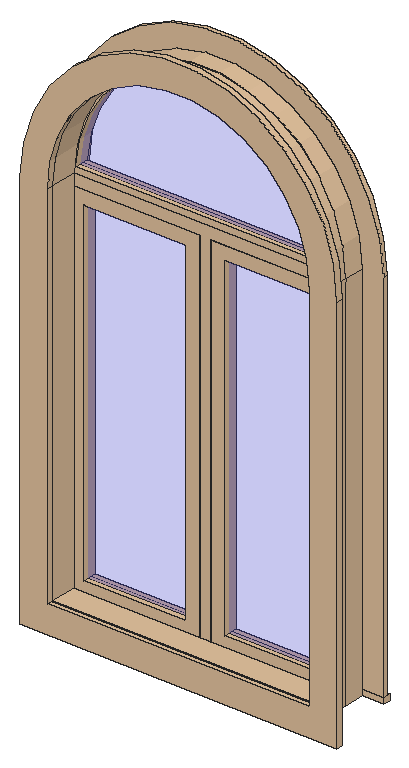
Revit family
Parameters (values of type "36" x 48"")
  Assembly Code = "B2020100"
  Glass Pane Material = Glass
  Height = 4' - 0"
  Sash Material = Sash
  Default Sill Height = 3' - 0"
  Trim Exterior Material = Trim
  Trim Interior Material = Trim
  Trim Projection - Ext. = 0' - 0 1/2"
  Trim Projection - Int. = 0' - 0 3/4"
  Trim Width - Exterior = 0' - 3 1/2"
  Trim Width - Interior = 0' - 3 1/2"
  Wall Closure = (empty or 0)
  Width = 3' - 0"
  Window Inset = 0' - 0 3/4"
Types (5): name | Height | Default Sill Height | Width
  (no name) | 4' - 0" | 3' - 0" | 3' - 0"
  36" x 72" | 6' - 0" | 1' - 0" | 3' - 0"
  36" x 48" | 4' - 0" | 3' - 0" | 3' - 0"
  48" x 48" | 4' - 0" | 3' - 0" | 4' - 0"
  48" x 72" | 6' - 0" | 1' - 0" | 4' - 0"
Reference planes (in)
  plane 1: y = 0
  plane 2 "Center": x = 0.31505
  plane 3 "Left": x = 18.31505
  plane 4 "Right": x = -17.68495
  plane 5 "Sill": z = 36
  plane 6: z = 84
  plane 7: z = 84.75
  plane 8: z = 84.75
  plane 9: z = 84.75
  plane 10: z = 84.75
  plane 11: z = 84.75
  plane 12: z = 84.75
  plane 13: z = 84.75
  plane 14 "Radius": z = 60
  plane 15: x = -16.93495
  plane 16: x = -16.43495
  plane 17: x = -20.43495
  plane 18: x = -19.93495
  plane 19: x = 17.06505
  plane 20: x = 17.56505
  plane 21: x = 20.56505
  plane 22: x = 21.06505
  plane 23: z = 33.75
  plane 24: z = 37.25
  plane 25 "Closure": y = 1.125
Forms (in)
  Extrusion 1, solid, material "Sash" <- "Sash Material"
    sketch origin (0.31505, -0.75, 0) x (-1, 0, 0) y (0, 0, 1)
      loop
        line (-18, 84.75) -> (-18, 36) -> (18, 36) -> (18, 84.75)
        arc (18, 84.75) -> (0, 102.75) -> (-18, 84.75) r 18
      loop
        line (-16.75, 84.75) -> (-16.75, 37.25) -> (16.75, 37.25) -> (16.75, 84.75)
        arc (16.75, 84.75) -> (0, 101.5) -> (-16.75, 84.75) r 16.75
    from 1.25 to -2.25
  Extrusion 2, solid, material "Sash" <- "Sash Material"
    sketch origin (0.31505, -0.75, 0) x (-1, 0, 0) y (0, 0, 1)
      loop
        line (0.75, 83.25) -> (0.75, 36.75) -> (17.25, 36.75) -> (17.25, 83.25) -> (0.75, 83.25)
      loop
        line (2.5, 81.5) -> (2.5, 38.5) -> (15.5, 38.5) -> (15.5, 81.5) -> (2.5, 81.5)
    from 1.25 to 3
  Extrusion 3, solid, material "Glass" <- "Glass Pane Material"
    sketch origin (-4.60505, -0.75, -4.60771) x (1, 0, 0) y (0, 0, 1)
      loop
        line (-10.5799, 86.10771) -> (-10.5799, 43.10771) -> (2.4201, 43.10771) -> (2.4201, 86.10771) -> (-10.5799, 86.10771)
    from -2.375 to -1.875
  Extrusion 4, solid, material "Trim" <- "Trim Exterior Material"
    sketch origin (0.31505, -0.75, 0) x (-1, 0, 0) y (0, 0, 1)
      loop
        arc (-17.25, 84.75) -> (0, 102) -> (17.25, 84.75) r 17.25
        line (17.25, 84.75) -> (17.25, 36.75) -> (20.75, 36.75) -> (20.75, 84.75)
        arc (20.75, 84.75) -> (0, 105.5) -> (-20.75, 84.75) r 20.75
        line (-20.75, 84.75) -> (-20.75, 36.75) -> (-17.25, 36.75) -> (-17.25, 84.75)
    from 3.75 to 4.25
  Extrusion 5, solid, material "Trim" <- "Trim Exterior Material"
    sketch origin (0.31505, -0.75, 0) x (-1, 0, 0) y (0, 0, 1)
      loop
        line (-20.75, 36.75) -> (-20.75, 36) -> (20.75, 36) -> (20.75, 36.75) -> (-20.75, 36.75)
    from 3.75 to 4.75
  Extrusion 6, solid, material "Sash" <- "Sash Material"
    sketch origin (0.31505, -0.75, 0) x (1, 0, 0) y (0, 0, 1)
      loop
        line (-0.75, 83.25) -> (-0.75, 36.75) -> (0.75, 36.75) -> (0.75, 83.25) -> (17.25, 83.25) -> (17.25, 84.75) -> (-17.25, 84.75) -> (-17.25, 83.25) -> (-0.75, 83.25)
    from -3.75 to -1.25
  Extrusion 7, solid, material "Sash" <- "Sash Material"
    sketch origin (0.31505, -0.75, 0) x (-1, 0, 0) y (0, 0, 1)
      loop
        line (-17.25, 83.25) -> (-17.25, 36.75) -> (-0.75, 36.75) -> (-0.75, 83.25) -> (-17.25, 83.25)
      loop
        line (-15.5, 81.5) -> (-15.5, 38.5) -> (-2.5, 38.5) -> (-2.5, 81.5) -> (-15.5, 81.5)
    from 1.25 to 3
  Extrusion 8, solid, material "Glass" <- "Glass Pane Material"
    sketch origin (0.31505, -0.75, 0) x (-1, 0, 0) y (0, 0, 1)
      loop
        line (-15.5, 81.5) -> (-15.5, 38.5) -> (-2.5, 38.5) -> (-2.5, 81.5) -> (-15.5, 81.5)
    from 1.875 to 2.375
  Extrusion 9, solid, material "Sash" <- "Sash Material"
    sketch origin (0, -0.75, 0) x (1, 0, 0) y (0, 0, 1)
      loop
        line (-17.68495, 84.75) -> (-17.68495, 36) -> (18.31505, 36) -> (18.31505, 84.75)
        arc (18.31505, 84.75) -> (0.31505, 102.75) -> (-17.68495, 84.75) r 18
      loop
        line (-16.93495, 84.75) -> (-16.93495, 36.75) -> (17.56505, 36.75) -> (17.56505, 84.75)
        arc (17.56505, 84.75) -> (0.31505, 102) -> (-16.93495, 84.75) r 17.25
    from -3.75 to -1.25
  Extrusion 10, solid, material "Sash" <- "Sash Material"
    sketch origin (0, 0, 0) x (-1, 0, 0) y (0, 0, 1)
      loop
        arc (16.93495, 84.75) -> (-0.31505, 102) -> (-17.56505, 84.75) r 17.25
        line (-17.56505, 84.75) -> (16.93495, 84.75)
      loop
        arc (16.17245, 85.5) -> (-0.31505, 101.25455) -> (-16.80254, 85.5) r 16.50455
        line (-16.80254, 85.5) -> (16.17245, 85.5)
    from 0.5 to 2.25
  Extrusion 11, solid, material "Glass" <- "Glass Pane Material"
    sketch origin (0, 0, 0) x (-1, 0, 0) y (0, 0, 1)
      loop
        arc (16.17245, 85.5) -> (-0.31505, 101.25455) -> (-16.80254, 85.5) r 16.50455
        line (-16.80254, 85.5) -> (16.17245, 85.5)
    from 1.125 to 1.625
  Extrusion 12, solid, material "Trim" <- "Trim Interior Material"
    sketch origin (0, 0, 0) x (1, 0, 0) y (0, 0, 1)
      loop
        arc (17.06505, 84.75) -> (0.31505, 101.5) -> (-16.43495, 84.75) r 16.75
        line (-16.43495, 84.75) -> (-16.43495, 37.25) -> (17.06505, 37.25) -> (17.06505, 84.75)
      loop
        arc (20.56505, 84.75) -> (0.31505, 105) -> (-19.93495, 84.75) r 20.25
        line (-19.93495, 84.75) -> (-19.93495, 33.75) -> (20.56505, 33.75) -> (20.56505, 84.75)
    from 3 to 3.75
Lines and regions (in)
  Opening 1
    outline origin (-60, -3, 0) x (1, 0, 0) y (0, 0, 1)
      loop
        line (42.31505, 84.75) -> (42.31505, 36) -> (78.31505, 36) -> (78.31505, 84.75)
        arc (78.31505, 84.75) -> (60.31505, 102.75) -> (42.31505, 84.75) r 18
  symbolic lines, style "Windows"
    curve 1: line (-16.93495, 3, 0) -> (-16.93495, 0.5, 0)
    curve 2: line (-16.43495, 0.5, 0) -> (-16.43495, -3, 0)
    curve 3: line (-17.68495, 3, 0) -> (-16.93495, 3, 0)
    curve 4: line (-16.43495, 0.5, 0) -> (-16.93495, 0.5, 0)
    curve 5: line (-16.43495, -3, 0) -> (-17.68495, -3, 0)
    curve 6: line (-16.93495, 2.25, 0) -> (-15.18495, 2.25, 0)
    curve 7: line (-16.93495, 2.25, 0) -> (-16.93495, 0.5, 0)
    curve 8: line (-16.93495, 0.5, 0) -> (-15.18495, 0.5, 0)
    curve 9: line (-15.18495, 2.25, 0) -> (-15.18495, 0.5, 0)
    curve 10: line (17.56505, 3, 0) -> (17.56505, 0.5, 0)
    curve 11: line (17.06505, 0.5, 0) -> (17.06505, -3, 0)
    curve 12: line (15.81505, 2.25, 0) -> (15.81505, 0.5, 0)
    curve 13: line (17.56505, 3, 0) -> (18.31505, 3, 0)
    curve 14: line (15.81505, 2.25, 0) -> (17.56505, 2.25, 0)
    curve 15: line (15.81505, 0.5, 0) -> (17.56505, 0.5, 0)
    curve 16: line (17.06505, -3, 0) -> (18.31505, -3, 0)
    curve 17: line (-2.18495, 0.5, 0) -> (-2.18495, 2.25, 0)
    curve 18: line (-2.18495, 2.25, 0) -> (-0.43495, 2.25, 0)
    curve 19: line (-0.43495, 2.25, 0) -> (-0.43495, 3, 0)
    curve 20: line (-0.43495, 3, 0) -> (1.06505, 3, 0)
    curve 21: line (1.06505, 3, 0) -> (1.06505, 2.25, 0)
    curve 22: line (1.06505, 2.25, 0) -> (2.81505, 2.25, 0)
    curve 23: line (2.81505, 2.25, 0) -> (2.81505, 0.5, 0)
    curve 24: line (2.81505, 0.5, 0) -> (-2.18495, 0.5, 0)
    curve 25: line (-0.43495, 2.25, 0) -> (-0.43495, 0.5, 0)
    curve 26: line (1.06505, 2.25, 0) -> (1.06505, 0.5, 0)
    curve 27: line (-15.18495, 1.375, 0) -> (-2.18495, 1.375, 0)
    curve 28: line (2.81505, 1.375, 0) -> (15.81505, 1.375, 0)
  symbolic lines, style "Elevation Swing"
    curve 29: line (1.06505, 0, 83.25) -> (17.56505, 0, 60)
    curve 30: line (17.56505, 0, 60) -> (1.06505, 0, 36.75)
    curve 31: line (-0.43495, 0, 83.25) -> (-16.93495, 0, 60)
    curve 32: line (-16.93495, 0, 60) -> (-0.43495, 0, 36.75)
Text (in)
  text "Exterior" at (0, 40.15149, 123.01588), in view "Right"
  text "Exterior" at (-70.3804, 28.46503, 0), in view "Floor Line"
  text "Exterior" at (0, 47.49176, 128.39426), in view "Left"
Dimensions and locks (in)
  equal spacing: plane 4 "Right", plane 2 "Center", plane 3 "Left"
  "Default Sill Height": host wall to plane 5 "Sill"
  locked: plane 6 to plane 7 at 0.75
  locked: plane 6 to plane 8 at 0.75
  locked: plane 6 to plane 9 at 0.75
  locked: plane 6 to plane 10 at 0.75
  locked: plane 6 to plane 11 at 0.75
  locked: plane 6 to plane 12 at 0.75
  locked: Extrusion 6 to Extrusion 2 at 0.75
  "Trim Projection - Ext.": Extrusion 4 to Extrusion 4
  locked: Extrusion 5 to Extrusion 4 at 0.5
  locked: Extrusion 2 to Extrusion 2 at 1.75
  locked: Extrusion 2 to Extrusion 3 at 0.625
  locked: Extrusion 3 to Extrusion 3 at 0.5
  locked: Extrusion 6 to Extrusion 6 at 2.5
  "Trim Projection - Int.": Extrusion 12 to Extrusion 12
  "Window Inset": Extrusion 4 to Extrusion 10
  equal spacing: plane 5 "Sill", plane 14 "Radius", plane 6
  locked: plane 13 to plane 6 at 0.75
  locked: plane 20 to plane 3 "Left" at 0.75
  locked: plane 19 to plane 3 "Left" at 1.25
  locked: plane 4 "Right" to plane 15 at 0.75
  locked: plane 4 "Right" to plane 16 at 1.25
  "Trim Width - Exterior": plane 22 to plane 20
  "Trim Width - Exterior": plane 15 to plane 17
  locked: plane 24 to plane 5 "Sill" at 1.25
  "Trim Width - Interior": plane 24 to plane 23
  "Trim Width - Interior": plane 16 to plane 18
  "Trim Width - Interior": plane 21 to plane 19
  locked: Extrusion 5 sketch curve to Extrusion 5 sketch curve at 0.75
  "Width": plane 4 "Right" to plane 3 "Left"
  "Height": plane 5 "Sill" to plane 6
  locked: plane 25 "Closure" to host wall at 1.875
  aligned and locked: plane 4 "Right" to Opening 1 sketch curve  (x2)
  aligned and locked: plane 3 "Left" to Opening 1 sketch curve
  aligned and locked: Extrusion 3 sketch curve to Extrusion 2  (x4)
  aligned and locked: Extrusion 5 sketch curve to Extrusion 4
  aligned and locked: Extrusion 2 sketch curve to Extrusion 6
  aligned and locked: Extrusion 7 sketch curve to Extrusion 6  (x2)
  aligned and locked: Extrusion 8 sketch curve to Extrusion 7  (x4)
  aligned and locked: plane 8 to Extrusion 4 sketch curve  (x2)
  aligned and locked: Extrusion 4 sketch curve to plane 8
  aligned and locked: Extrusion 9 sketch curve to Extrusion 4  (x3)
  aligned and locked: Extrusion 9 sketch curve to plane 3 "Left"
  aligned and locked: Extrusion 9 sketch curve to plane 4 "Right"
  aligned and locked: Extrusion 1 sketch curve to Extrusion 9  (x2)
  aligned and locked: Extrusion 9 to Extrusion 1
  aligned and locked: Extrusion 10 sketch curve to Extrusion 4  (x2)
  aligned and locked: Extrusion 10 to Extrusion 1
  aligned and locked: Extrusion 6 sketch curve to Extrusion 4  (x2)
  aligned and locked: Extrusion 11 sketch curve to Extrusion 10  (x2)
  aligned and locked: Extrusion 11 to Extrusion 3
  aligned and locked: Extrusion 5 to host wall
  aligned and locked: Extrusion 2 to Extrusion 7
  aligned and locked: Extrusion 10 to Extrusion 2
  aligned and locked: host wall to Extrusion 9
  aligned and locked: Extrusion 4 to host wall
  aligned and locked: host wall to Extrusion 1
  aligned and locked: Extrusion 3 to Extrusion 11
  aligned and locked: Extrusion 8 to Extrusion 3  (x2)
  aligned and locked: Extrusion 9 to Extrusion 2
  aligned and locked: Extrusion 6 to Extrusion 1  (x4)
  aligned and locked: Extrusion 7 to Extrusion 1
  aligned and locked: curve 1 to Extrusion 6
  aligned and locked: Extrusion 9 to curve 3
  aligned and locked: Extrusion 9 to curve 10
  aligned and locked: curve 11 to Extrusion 1
  aligned and locked: curve 12 to Extrusion 7
  aligned and locked: curve 25 to Extrusion 2
  aligned and locked: curve 26 to Extrusion 7
  aligned and locked: Extrusion 1 to curve 16
  aligned and locked: Extrusion 4 to curve 3
  aligned and locked: Extrusion 4 to curve 13
  aligned and locked: curve 5 to Extrusion 1
  aligned and locked: Extrusion 12 sketch curve to Extrusion 1  (x3)
  aligned and locked: plane 13 to Extrusion 12 sketch curve
  aligned and locked: Extrusion 12 to host wall
  aligned and locked: curve 6 to Extrusion 2
  aligned and locked: Extrusion 1 to curve 24
  aligned and locked: curve 22 to Extrusion 7
  aligned and locked: curve 15 to Extrusion 1
  aligned and locked: curve 14 to Extrusion 7
  aligned and locked: curve 8 to Extrusion 1
  aligned and locked: Extrusion 1 to curve 4
  aligned and locked: curve 18 to Extrusion 2
  aligned and locked: curve 27 to curve 28
Automatic sketch dimensions
  Opening 1 sketch curve to plane 5 "Sill" = 0' - 0"
  Opening 1 sketch curve to plane 7 = 0' - 0"
  Extrusion 2 sketch curve to Extrusion 2 sketch curve = 0' - 1 3/4"  (x2)
  plane 4 "Right" to Extrusion 2 sketch curve = 0' - 2 1/2"
  plane 4 "Right" to Extrusion 2 sketch curve = 0' - 0 3/4"
  Extrusion 2 sketch curve to plane 5 "Sill" = 0' - 0 3/4"
  plane 6 to Extrusion 2 sketch curve = 0' - 2 1/2"
  plane 6 to Extrusion 2 sketch curve = 0' - 0 3/4"
  plane 2 "Center" to Extrusion 7 sketch curve = 0' - 2 1/2"
  Extrusion 7 sketch curve to plane 3 "Left" = 0' - 2 1/2"
  Extrusion 7 sketch curve to plane 3 "Left" = 0' - 0 3/4"
  Extrusion 7 sketch curve to Extrusion 7 sketch curve = 0' - 1 3/4"
  plane 6 to Extrusion 7 sketch curve = 0' - 2 1/2"
  plane 6 to Extrusion 7 sketch curve = 0' - 0 3/4"
  Extrusion 9 sketch curve to plane 5 "Sill" = 0' - 0"
  Extrusion 9 sketch curve to plane 9 = 0' - 0"
  Extrusion 9 sketch curve to plane 5 "Sill" = 0' - 0 3/4"
  Extrusion 1 sketch curve to plane 3 "Left" = 0' - 0"
  Extrusion 1 sketch curve to plane 10 = 0' - 0"
  Extrusion 1 sketch curve to plane 2 "Center" = 0' - 0"
  Extrusion 1 sketch curve to plane 5 "Sill" = 0' - 0"
  Extrusion 1 sketch curve to plane 5 "Sill" = 0' - 1 1/4"
  Extrusion 1 sketch curve to Extrusion 1 sketch curve = 0' - 1 1/4"
  Extrusion 10 sketch curve to plane 2 "Center" = 0' - 0"  (x2)
  Extrusion 10 sketch curve to Extrusion 10 sketch curve = 0' - 0.7625"  (x2)
  Extrusion 10 sketch curve to Extrusion 10 sketch curve = 0' - 0"
  Extrusion 10 sketch curve to plane 12 = 0' - 0"
  Extrusion 10 sketch curve to Extrusion 10 sketch curve = 0' - 0 3/4"
  Extrusion 6 sketch curve to plane 11 = 0' - 0"
  plane 2 "Center" to Extrusion 6 sketch curve = 0' - 0 3/4"
  Extrusion 6 sketch curve to plane 2 "Center" = 0' - 0 3/4"
  plane 6 to Extrusion 6 sketch curve = 0' - 0 3/4"  (x2)
  Extrusion 6 sketch curve to plane 5 "Sill" = 0' - 0 3/4"
  Extrusion 11 sketch curve to plane 2 "Center" = 0' - 0"
  Extrusion 11 sketch curve to plane 3 "Left" = 0' - 1.5125"
  Extrusion 11 sketch curve to plane 6 = 0' - 0 3/4"
  curve 5 to plane 4 "Right" = 0' - 0"
  curve 13 to plane 3 "Left" = 0' - 0"
  curve 16 to plane 3 "Left" = 0' - 0"
  plane 4 "Right" to curve 2 = 0' - 1 1/4"
  curve 6 to curve 6 = 0' - 1 3/4"
  curve 27 to curve 25 = 0' - 1 3/4"
  curve 26 to curve 23 = 0' - 1 3/4"
  curve 28 to curve 22 = 0' - 0 7/8"
  curve 18 to curve 19 = 0' - 0 3/4"
  Extrusion 12 sketch curve to plane 18 = 0' - 0"
  Extrusion 12 sketch curve to plane 16 = 0' - 0"
  Extrusion 12 sketch curve to plane 2 "Center" = 0' - 0"
  Extrusion 12 sketch curve to plane 23 = 0' - 0"
  Extrusion 12 sketch curve to plane 24 = 0' - 0"
  Extrusion 5 sketch curve to plane 5 "Sill" = 0' - 0"
  Extrusion 5 sketch curve to plane 17 = 0' - 0"
  Extrusion 4 sketch curve to plane 22 = 0' - 0"
  Extrusion 4 sketch curve to plane 20 = 0' - 0"
  Extrusion 4 sketch curve to plane 2 "Center" = 0' - 0"  (x2)
  Extrusion 4 sketch curve to plane 5 "Sill" = 0' - 0 3/4"  (x2)
  curve 32 to plane 14 "Radius" = 0' - 0"
  curve 30 to plane 14 "Radius" = 0' - 0"
  curve 32 to plane 15 = 0' - 0"
  curve 30 to plane 20 = 0' - 0"
  plane 6 to curve 29 = 0' - 0 3/4"
  plane 6 to curve 31 = 0' - 0 3/4"
  plane 24 to curve 32 = 0' - 0 1/2"
  plane 24 to curve 30 = 0' - 0 1/2"
  curve 31 to plane 2 "Center" = 0' - 0 3/4"
  curve 32 to plane 2 "Center" = 0' - 0 3/4"
  plane 2 "Center" to curve 30 = 0' - 0 3/4"
  plane 2 "Center" to curve 29 = 0' - 0 3/4"
